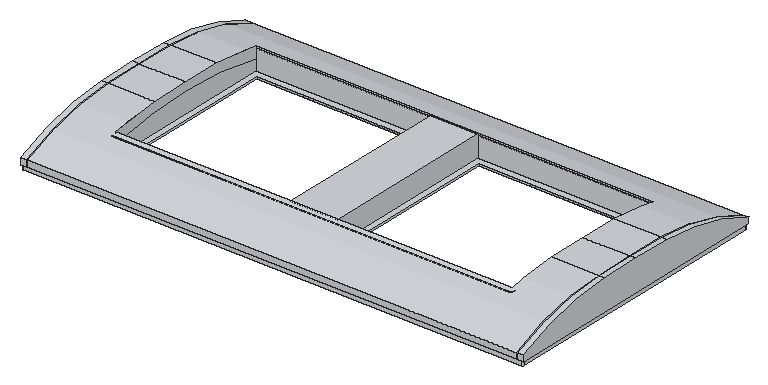
Revit family "Gira_0212761", category Electrical Fixtures, host Face, Revit 2017
Family settings
  Host = Face
  Maintain Annotation Orientation = No
  Round Connector Dimension = Use Diameter
  Part Type = Normal
  Cut with Voids When Loaded = No
  Shared = No
  Room Calculation Point = No
Parameters (values of type "Cov.fr. 2-g interm.fr. CW Gira Event Clear brown")
  With mounting grid = "No"
  With hinged lid = "No"
  URL = "http://katalog.gira.de/en/datenblatt.html?artikelnr=0212761"
  Type of fastening = "Clamp mounting"
  Transparent = "No"
  Surface protection = "Other"
  Surface finishing = "Glossy"
  Suitable for wall duct = "No"
  Suitable for flush-mounted installation = "Yes"
  Suitable for floor box = "No"
  Suitable for built-in installation = "No"
  Number of units vertical = "2"
  Number of units horizontal = "2"
  Number of units = "2"
  Name = "Cov.fr. 2-g interm.fr. CW Gira Event Clear brown"
  Mounting direction = "Horizontal and vertical"
  Material quality = "Thermoplastic"
  Material = "Plastic"
  Manufacturer URL = "https://www.gira.de/"
  Manufacturer = "Gira"
  Label space/information surface = "No"
  Keynote = ""
  HeinzeBIM = "https://bimportal.heinze.de/bim/cov-fr-2-g-interm-fr-cw-gira-event-clear-brown/17e8acdd84b56cc41f818ccf38c5e6c343372851"
  Halogen free = "Yes"
  HAN = "0212761"
  GTIN = "4010337069294"
  Description = "Cov.fr.2g i.fr.CW EvCl BN,Gira Event Clear cover frame,brown with cream white glossy intermediate frame,2-gang,Features:,- Shatter-proof."
  Degree of protection (IP) = "IP20"
  Default Elevation = 1219.2 mm
  Data sheet (1) = "https://katalog.gira.de/en/download.html?artikelnr=0212761"
  Colour = "Brown"
  Category = "Cover frame for domestic switching devices"
  BIM (1) = "https://media.stage.bim.site/public/gira/36a6b08/Event_Rahmen_2fach.rfa"
  Available = "No"
Reference planes
  plane 1 "Center (Front/Back)": y = 0
  plane 2: z = 0
  plane 3 "Center (Left/Right)": x = 0
Forms (mm)
  Extrusion 1, solid, detail levels fine
    sketch origin (0, 0, 0.05) x (0, 1, 0) y (0, 0, 1)
      loop
        arc (12.445, 9.683) -> (6.223, 9.833) -> (0, 9.85) r 291.636
        arc (0, 9.85) -> (-6.223, 9.833) -> (-12.445, 9.683) r 291.636
        arc (-12.445, 9.683) -> (-29.14, 7.482) -> (-45, 1.823) r 79.728
        line (-45, 1.823) -> (-45, -0.05) -> (-42.086, -0.05)
        arc (-42.086, -0.05) -> (-21.385, 5.559) -> (0, 7.206) r 114.424
        arc (0, 7.206) -> (21.385, 5.559) -> (42.086, -0.05) r 114.424
        line (42.086, -0.05) -> (45, -0.05) -> (45, 1.823)
        arc (45, 1.823) -> (29.14, 7.482) -> (12.445, 9.683) r 79.728
    from -78.55 to 78.55
  Extrusion 2, void, detail levels fine
    sketch origin (0, 0, 0) x (1, 0, 0) y (0, 1, 0)
      loop
        line (-63.55, -27.937) -> (63.55, -27.937) -> (63.55, 28.063) -> (-63.55, 28.063) -> (-63.55, -27.937)
    from 0.724 to 11
  Extrusion 3, solid, detail levels coarse
    sketch origin (0, 0, 0) x (1, 0, 0) y (0, 1, 0)
      loop
        line (-80.55, 45) -> (-80.55, -45) -> (80.55, -45) -> (80.55, 45) -> (-80.55, 45)
    from -1.5 to 9.9
  Extrusion 4, solid, detail levels medium
    sketch origin (0, 0, 0.05) x (0, 1, 0) y (0, 0, 1)
      loop
        arc (12.445, 9.683) -> (6.223, 9.833) -> (0, 9.85) r 291.636
        arc (0, 9.85) -> (-6.223, 9.833) -> (-12.445, 9.683) r 291.636
        arc (-12.445, 9.683) -> (-29.14, 7.482) -> (-45, 1.823) r 79.728
        line (-45, 1.823) -> (-45, -0.05) -> (45, -0.05) -> (45, 1.823)
        arc (45, 1.823) -> (29.14, 7.482) -> (12.445, 9.683) r 79.728
    from -80.55 to 80.55
  Extrusion 5, solid, detail levels fine
    sketch origin (-35.55, 0, -1.5) x (0, 1, 0) y (0, 0, -1)
      loop
        line (45, -3.373) -> (45, -1.5) -> (-45, -1.5) -> (-45, -3.373)
        arc (-45, -3.373) -> (-29.14, -9.032) -> (-12.445, -11.233) r 79.728
        arc (-12.445, -11.233) -> (-6.223, -11.383) -> (0, -11.4) r 291.636
        arc (0, -11.4) -> (6.223, -11.383) -> (12.445, -11.233) r 291.636
        arc (12.445, -11.233) -> (29.14, -9.032) -> (45, -3.373) r 79.728
    from 43 to 45
  Extrusion 6, solid, detail levels fine
    sketch origin (0, 0, 0) x (1, 0, 0) y (0, 1, 0)
      loop
        line (-61.45, 25.7) -> (-61.45, -25.7) -> (-9.65, -25.7) -> (-9.65, 25.7) -> (-61.45, 25.7)
      loop
        line (61.45, -25.7) -> (61.45, 25.7) -> (9.65, 25.7) -> (9.65, -25.7) -> (61.45, -25.7)
      loop
        line (-64.445, 28.49) -> (-64.445, -28.495)
        spline (-64.445, -28.495) -> (-64.436, -28.625) -> (-64.411, -28.754) -> (-64.369, -28.878) -> (-64.311, -28.995) -> (-64.238, -29.104) -> (-64.152, -29.202) -> (-64.054, -29.288) -> (-63.945, -29.361) -> (-63.828, -29.419) -> (-63.704, -29.461) -> (-63.575, -29.486) -> (-63.445, -29.495)
        line (-63.445, -29.495) -> (63.445, -29.495)
        spline (63.445, -29.495) -> (63.575, -29.486) -> (63.704, -29.461) -> (63.828, -29.419) -> (63.945, -29.361) -> (64.054, -29.288) -> (64.152, -29.202) -> (64.238, -29.104) -> (64.311, -28.995) -> (64.369, -28.878) -> (64.411, -28.754) -> (64.436, -28.625) -> (64.445, -28.495)
        line (64.445, -28.495) -> (64.445, 28.49)
        spline (64.445, 28.49) -> (64.436, 28.62) -> (64.411, 28.748) -> (64.369, 28.872) -> (64.311, 28.99) -> (64.238, 29.098) -> (64.152, 29.197) -> (64.054, 29.283) -> (63.945, 29.356) -> (63.828, 29.413) -> (63.704, 29.456) -> (63.575, 29.481) -> (63.445, 29.49)
        line (63.445, 29.49) -> (-63.445, 29.49)
        spline (-63.445, 29.49) -> (-63.575, 29.481) -> (-63.704, 29.456) -> (-63.828, 29.413) -> (-63.945, 29.356) -> (-64.054, 29.283) -> (-64.152, 29.197) -> (-64.238, 29.098) -> (-64.311, 28.99) -> (-64.369, 28.872) -> (-64.411, 28.748) -> (-64.436, 28.62) -> (-64.445, 28.49)
    from 0.1 to 7.3
  Extrusion 7, solid
    sketch origin (0, 0, 0) x (1, 0, 0) y (0, 1, 0)
      loop
        arc (-80.25, -44.2) -> (-80.104, -44.554) -> (-79.75, -44.7) r 0.5
        line (-79.75, -44.7) -> (79.75, -44.7)
        arc (79.75, -44.7) -> (80.104, -44.554) -> (80.25, -44.2) r 0.5
        line (80.25, -44.2) -> (80.25, 44.2)
        arc (80.25, 44.2) -> (80.104, 44.554) -> (79.75, 44.7) r 0.5
        line (79.75, 44.7) -> (-79.75, 44.7)
        arc (-79.75, 44.7) -> (-80.104, 44.554) -> (-80.25, 44.2) r 0.5
        line (-80.25, 44.2) -> (-80.25, -44.2)
      loop
        line (-78.55, 43) -> (-78.55, -43) -> (78.55, -43) -> (78.55, 43) -> (-78.55, 43)
    from -1.5 to 0.5
  Extrusion 8, solid, detail levels fine
    sketch origin (35.55, 0, -1.5) x (0, 1, 0) y (0, 0, 1)
      loop
        arc (45, 3.373) -> (29.14, 9.032) -> (12.445, 11.233) r 79.728
        arc (12.445, 11.233) -> (6.223, 11.383) -> (0, 11.4) r 291.636
        arc (0, 11.4) -> (-6.223, 11.383) -> (-12.445, 11.233) r 291.636
        arc (-12.445, 11.233) -> (-29.14, 9.032) -> (-45, 3.373) r 79.728
        line (-45, 3.373) -> (-45, 1.5) -> (45, 1.5) -> (45, 3.373)
    from 43 to 45
  Extrusion 9, solid, detail levels medium
    sketch origin (0, 0, 0) x (1, 0, 0) y (0, 1, 0)
      loop
        line (-80.25, -44.7) -> (80.25, -44.7) -> (80.25, 44.7) -> (-80.25, 44.7) -> (-80.25, -44.7)
    from -1.5 to 0.5
  Extrusion 10, solid, detail levels fine
    sketch origin (0, 0, 0) x (1, 0, 0) y (0, 1, 0)
      loop
        line (-7.55, 28.063) -> (-7.55, -27.937) -> (7.55, -27.937) -> (7.55, 28.063) -> (-7.55, 28.063)
    from 0.724 to 7.566
Cuts and joins
  Extrusion 2 cuts Extrusion 1
  Extrusion 2 cuts Extrusion 6
Dimensions and locks
  aligned and locked: plane 2 to host face
  aligned and locked: level to host face
